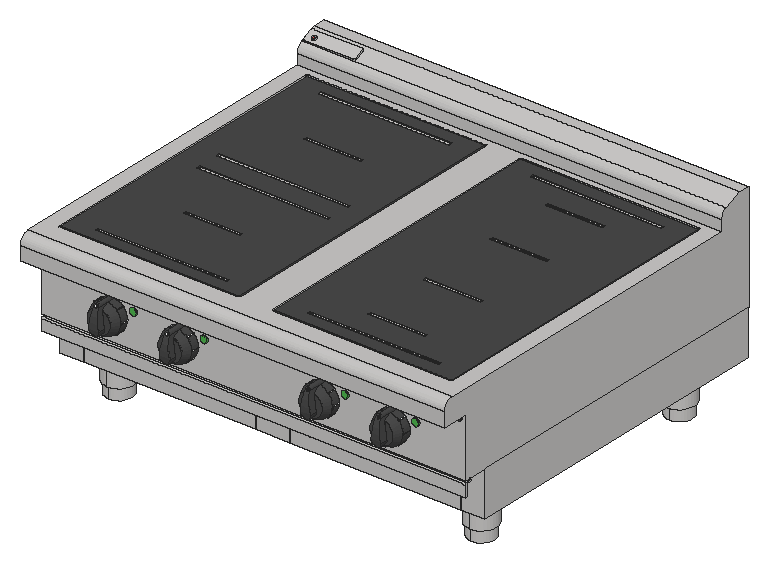
Revit family "QF_Moffat_INL8400R3F-B_Induction Cooktop_cat", category Specialty Equipment, Revit 2019 (continued)
Definition of nested family "QF_LOGO_Waldorf1"
  Automatic sketch dimensions
    Extrusion 1 sketch curve to Extrusion 1 sketch curve = 4 mm
    Extrusion 1 sketch curve to Extrusion 1 sketch curve = 3.464 mm  (x3)
    Extrusion 1 sketch curve to Extrusion 1 sketch curve = 3.541 mm
    Extrusion 1 sketch curve to Extrusion 1 sketch curve = 4.325 mm
    Extrusion 1 sketch curve to Extrusion 1 sketch curve = 19.783 mm
    Extrusion 1 sketch curve to Extrusion 1 sketch curve = 7.592 mm
    plane 3 "LEFT" to Extrusion 2 sketch curve = 15.25 mm
    Extrusion 2 sketch curve to Extrusion 2 sketch curve = 4.325 mm
    plane 3 "LEFT" to Extrusion 3 sketch curve = 14.75 mm
    Extrusion 3 sketch curve to Extrusion 3 sketch curve = 4.325 mm
    Extrusion 1 to Split face 1 sketch curve = 6.879 mm
    Split face 1 sketch curve to Extrusion 1 = 5.728 mm
    Split face 1 sketch curve to Split face 1 sketch curve = 3.132 mm
    Split face 1 sketch curve to Split face 1 sketch curve = 4.068 mm
    Split face 1 sketch curve to Split face 1 sketch curve = 3.051 mm
    Split face 1 sketch curve to Split face 1 sketch curve = 4.203 mm
    Split face 1 sketch curve to Split face 1 sketch curve = 2.916 mm
    Split face 1 sketch curve to Split face 1 sketch curve = 3.456 mm
    Split face 1 sketch curve to Split face 1 sketch curve = 2.934 mm
    Split face 1 sketch curve to Split face 1 sketch curve = 4.131 mm
    Split face 1 sketch curve to Split face 1 sketch curve = 3.96 mm
    Split face 1 sketch curve to Split face 1 sketch curve = 0 mm  (x2)
    Split face 1 sketch curve to Extrusion 1 = 9.736 mm  (x2)
    Extrusion 1 to Split face 1 sketch curve = 6.337 mm
    Extrusion 1 to Split face 1 sketch curve = 6.231 mm
    Extrusion 1 to Split face 1 sketch curve = 3.184 mm
    Extrusion 1 to Split face 1 sketch curve = 13.135 mm
    Split face 1 sketch curve to Split face 1 sketch curve = 4.652 mm
    Split face 1 sketch curve to Split face 1 sketch curve = 3.593 mm
    Split face 1 sketch curve to Split face 1 sketch curve = 1.863 mm
    Split face 1 sketch curve to Split face 1 sketch curve = 0.713 mm
    Split face 1 sketch curve to Split face 1 sketch curve = 2.684 mm
    Split face 1 sketch curve to Split face 1 sketch curve = 3.294 mm
    Split face 1 sketch curve to Split face 1 sketch curve = 0.459 mm
    Split face 1 sketch curve to Split face 1 sketch curve = 2.775 mm
    Split face 1 sketch curve to Split face 1 sketch curve = 1.89 mm
    Split face 1 sketch curve to Split face 1 sketch curve = 0.685 mm
    Split face 1 sketch curve to Split face 1 sketch curve = 9.486 mm
    Split face 1 sketch curve to Split face 1 sketch curve = 16.213 mm
    Split face 1 sketch curve to Split face 1 sketch curve = 3.48 mm
    Split face 1 sketch curve to Split face 1 sketch curve = 4.918 mm
    Split face 1 sketch curve to Split face 1 sketch curve = 7.609 mm
    Split face 1 sketch curve to Split face 1 sketch curve = 0.01 mm  (x2)
    Split face 1 sketch curve to Split face 1 sketch curve = 0.002 mm
    Split face 2 sketch curve to Extrusion 1 = 11.169 mm
    Extrusion 1 to Split face 2 sketch curve = 25.647 mm
    Split face 2 sketch curve to Split face 2 sketch curve = 3.72 mm
    Split face 2 sketch curve to Extrusion 1 = 11.965 mm
    Split face 2 sketch curve to Split face 2 sketch curve = 0.371 mm
    Split face 2 sketch curve to Extrusion 1 = 6.602 mm
    Split face 2 sketch curve to Split face 2 sketch curve = 2.689 mm
    Split face 2 sketch curve to Split face 2 sketch curve = 0.318 mm
    Split face 2 sketch curve to Split face 2 sketch curve = 3.729 mm
    Split face 2 sketch curve to Split face 2 sketch curve = 0.414 mm
    Split face 2 sketch curve to Split face 2 sketch curve = 0.875 mm
    Split face 2 sketch curve to Split face 2 sketch curve = 0.878 mm
    Split face 3 sketch curve to Extrusion 1 = 8.597 mm
    Extrusion 1 to Split face 3 sketch curve = 29.688 mm
    Split face 3 sketch curve to Extrusion 1 = 9.264 mm
    Split face 3 sketch curve to Split face 3 sketch curve = 2.326 mm
    Split face 4 sketch curve to Extrusion 1 = 5.728 mm
    Extrusion 1 to Split face 4 sketch curve = 38.08 mm
    Split face 4 sketch curve to Split face 4 sketch curve = 3.843 mm
    Split face 4 sketch curve to Extrusion 1 = 9.736 mm
    Split face 5 sketch curve to Extrusion 1 = 9.736 mm
    Split face 5 sketch curve to Extrusion 1 = 43.205 mm
    Split face 5 sketch curve to Extrusion 1 = 6.679 mm
    Split face 5 sketch curve to Split face 5 sketch curve = 0.342 mm
    Split face 5 sketch curve to Split face 5 sketch curve = 3.375 mm
    Split face 5 sketch curve to Split face 5 sketch curve = 0.952 mm
    Split face 5 sketch curve to Split face 5 sketch curve = 3.998 mm
    Split face 6 sketch curve to Extrusion 1 = 7.499 mm
    Split face 6 sketch curve to Extrusion 1 = 44.727 mm
    Split face 6 sketch curve to Split face 6 sketch curve = 2.07 mm
    Split face 7 sketch curve to Extrusion 1 = 5.305 mm
    Split face 7 sketch curve to Extrusion 1 = 32.551 mm
    Split face 7 sketch curve to Split face 7 sketch curve = 4.443 mm
    Split face 8 sketch curve to Extrusion 1 = 7.654 mm
    Split face 8 sketch curve to Extrusion 1 = 32.551 mm
    Split face 8 sketch curve to Split face 8 sketch curve = 2.095 mm
    Split face 9 sketch curve to Extrusion 1 = 5.728 mm
    Split face 9 sketch curve to Extrusion 1 = 25.521 mm
    Split face 9 sketch curve to Split face 9 sketch curve = 3.519 mm
    Split face 9 sketch curve to Split face 9 sketch curve = 0.315 mm
    Split face 9 sketch curve to Split face 9 sketch curve = 3.33 mm
    Split face 9 sketch curve to Split face 9 sketch curve = 3.248 mm
    Split face 9 sketch curve to Split face 9 sketch curve = 1.795 mm
    Split face 9 sketch curve to Split face 9 sketch curve = 3.36 mm
    Split face 9 sketch curve to Split face 9 sketch curve = 1.545 mm
    Split face 9 sketch curve to Split face 9 sketch curve = 0.233 mm
    Split face 10 sketch curve to Extrusion 1 = 18.106 mm
    Split face 10 sketch curve to Split face 10 sketch curve = 1.188 mm  (x2)
    Split face 10 sketch curve to Split face 10 sketch curve = 3.285 mm
    Split face 10 sketch curve to Split face 10 sketch curve = 3.789 mm
    Split face 10 sketch curve to Split face 10 sketch curve = 0 mm  (x2)
    Split face 10 sketch curve to Split face 10 sketch curve = 1.629 mm
    Split face 10 sketch curve to Split face 10 sketch curve = 2.133 mm
    Split face 10 sketch curve to Extrusion 1 = 5.728 mm
    Split face 10 sketch curve to Split face 10 sketch curve = 6.245 mm
    Split face 10 sketch curve to Split face 10 sketch curve = 1.907 mm  (x2)
    Split face 10 sketch curve to Split face 10 sketch curve = 1.197 mm
    Split face 10 sketch curve to Split face 10 sketch curve = 2.19 mm
